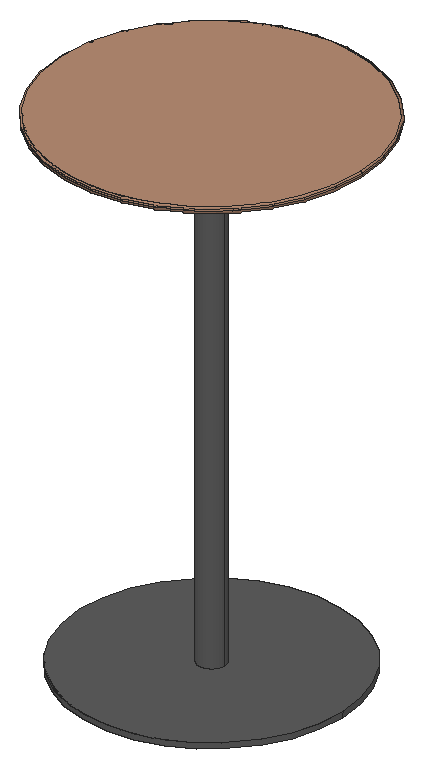
Revit family "FU_Table_Sandler_Nume 9-2FH", category Furniture, Revit 2020
Family settings
  OmniClass Number = 23.40.20.00
  OmniClass Title = General Furniture and Specialties
  Work Plane-Based = No
  Always vertical = Yes
  Cut with Voids When Loaded = No
  Shared = No
  Room Calculation Point = No
Parameters (values of type "Nume 9.2FH Wood/Laminate Top")
  Width = Depth  # 400 mm
  URL = "https://www.sandlerseating.com/product/nume-9-2FH/"
  Top Type = Nume_Wood_Top : Nume Wood 400x19mm
  Top Finish = Wood - Oak - Walnut
  Model = "Nume 9.2FH"
  Manufacturer = "Sandler"
  Height = 660 mm
  Description = "Fixed height side table, with wood top and steel base."
  Depth = 400 mm  # constant formula
  Default Elevation = 0 mm
  Base Finish = Epoxy - M1_B00 - Black
Types (3, lengths in mm): name | Top Type | Top Finish | Base Finish
  (no name) | Nume_Wood_Top : Nume Wood 400x19mm | Wood - Oak - Walnut | Epoxy - M1_B00 - Black
  NUME 9.2FH HPL/Fenix Top | Nume_HPL_Top : Nume HPL 400x12mm | HPL - Solid - Black | Epoxy - M1_Aluminum
  Nume 9.2FH Wood/Laminate Top | Nume_Wood_Top : Nume Wood 400x19mm | Wood - Oak - Walnut | Epoxy - M1_B00 - Black
Reference planes
  plane 1 "Center (Front/Back)": y = 0
  plane 2: z = 0
  plane 3 "Center (Left/Right)": x = 0
  plane 4 "Right": x = -200
  plane 5 "Left": x = 200
  plane 6 "Back": y = 200
  plane 7 "Front": y = -200
  plane 8 "Height": z = 660
  plane 9 "Top Base": z = 648
Forms (mm)
  Extrusion 1, solid, material "Epoxy - M1_B00 - Black" <- "Base Finish"
    sketch origin (0, 0, 0) x (1, 0, 0) y (0, 1, 0)
      loop
        circle (0, 0) r 175
    from 0 to 7
  Revolve 2, solid, material "Epoxy - M1_B00 - Black" <- "Base Finish"
    sketch origin (0, 0, 0) x (1, 0, 0) y (0, 0, 1)
      loop
        line (-12.5, 648) -> (-14.5, 648)
        arc (-14.5, 648) -> (-16.621, 647.121) -> (-17.5, 645) r 3
        line (-17.5, 645) -> (-17.5, 7) -> (-12.5, 7) -> (-12.5, 648)
      axis (0, 648) -> (0, 7)
    angle from 0 to 360
  Extrusion 3, solid, material "Epoxy - M1_B00 - Black" <- "Base Finish"
    sketch origin (0, 0, 648) x (-1, 0, 0) y (0, -1, 0)
      loop
        circle (0, 0) r 75
    from 0 to -4.04
Cuts and joins
  joined: Extrusion 1, Revolve 2
Dimensions and locks
  equal spacing: plane 4 "Right", plane 3 "Center (Left/Right)", plane 5 "Left"
  "Width": plane 4 "Right" to plane 5 "Left"
  equal spacing: plane 6 "Back", plane 1 "Center (Front/Back)", plane 7 "Front"
  "Depth": plane 6 "Back" to plane 7 "Front"
  "Height": plane 8 "Height" to level
  plane 9 "Top Base" to level = 648 mm
  locked: plane 8 "Height" to plane 9 "Top Base" at 12
  aligned and locked: level to plane 2
  aligned and locked: cut or joined group of Extrusion 1, Revolve 2 to plane 9 "Top Base"
Automatic sketch dimensions
  plane 1 "Center (Front/Back)" to Extrusion 1 sketch curve = 0 mm
  Extrusion 1 sketch curve to plane 3 "Center (Left/Right)" = 0 mm
  Revolve 2 sketch curve to plane 3 "Center (Left/Right)" = 0 mm
  Revolve 2 sketch curve to plane 3 "Center (Left/Right)" = 12.5 mm
  Revolve 2 sketch curve to Revolve 2 sketch curve = 2 mm
  Revolve 2 sketch curve to Revolve 2 sketch curve = 5 mm
  plane 1 "Center (Front/Back)" to Extrusion 3 sketch curve = 0 mm
  Extrusion 3 sketch curve to plane 3 "Center (Left/Right)" = 0 mm
  level to Revolve 2 sketch curve = 7 mm
  Revolve 2 sketch curve to plane 9 "Top Base" = 3 mm
  Revolve 2 sketch curve to Revolve 2 sketch curve = 207.542 mm
  Revolve 2 sketch curve to Revolve 2 sketch curve = 177 mm
  radius of Extrusion 1 sketch curve = 175 mm
  radius of Extrusion 3 sketch curve = 75 mm
Nested families
  nested 1: "Nume_Wood_Top" at (0, 0, 0), type <- "Top Type", Top Elevation <- "Height", Top Finish <- "Top Finish", type "Nume Wood 400x19mm"
    with Top Finish Wood - Oak - Walnut, Top Elevation 660 mm
Definition of nested family "Nume_Wood_Top"
  Parameters (values of type "Nume Wood 400x19mm")
    Width = 400 mm
    Top Elevation [instance] = 530 mm
    Top Finish [instance] = none
    Depth = 400 mm
    Default Elevation = 0 mm
  Reference planes
    plane 1 "Center (Front/Back)": y = 0
    plane 2: z = 0
    plane 3 "Center (Left/Right)": x = 0
    plane 4 "Right": x = -200
    plane 5 "Left": x = 200
    plane 6 "Back": y = 200
    plane 7 "Front": y = -200
    plane 8 "Elevation": z = 530
    plane 9 "Thickness": z = 511
  Forms (mm)
    Extrusion 1, solid, material <- "Top Finish"
      sketch origin (0, 0, 530) x (-1, 0, 0) y (0, -1, 0)
        loop
          circle (0, 0) r 140
      from 0 to -19
    Sweep 2, solid, material <- "Top Finish"
      path in 3D
        loop
          arc (140, 0, 530) -> (0, -140, 530) -> (-140, 0, 530) r 140
          arc (-140, 0, 530) -> (0, 140, 530) -> (140, 0, 530) r 140
      profile "Pro_IC_TT_Wood_Edge_19x60 : Pro_IC_TT_Wood_Edge_19x60" origin (0, 140, 530) x (0, 1, 0) y (0, 0, 1)
        loop
          line (0, 0) -> (0, -19) -> (23.523, -19)
          arc (23.523, -19) -> (40.704, -14.115) -> (57.496, -8.025) r 252.177
          arc (57.496, -8.025) -> (59.315, -6.554) -> (60, -4.316) r 4
          line (60, -4.316) -> (60, -2)
          arc (60, -2) -> (59.414, -0.586) -> (58, 0) r 2
          line (58, 0) -> (0, 0)
  Cuts and joins
    joined: Extrusion 1, Sweep 2
  Lines and regions (mm)
    sketch lines
      curve 1: arc (-140, 0, 530) -> (0, 140, 530) -> (140, 0, 530) r 140
      curve 2: arc (140, 0, 530) -> (0, -140, 530) -> (-140, 0, 530) r 140
  Dimensions and locks
    equal spacing: plane 4 "Right", plane 3 "Center (Left/Right)", plane 5 "Left"
    "Width": plane 4 "Right" to plane 5 "Left"
    equal spacing: plane 6 "Back", plane 1 "Center (Front/Back)", plane 7 "Front"
    "Depth": plane 6 "Back" to plane 7 "Front"
    "Top Elevation": plane 8 "Elevation" to level
    plane 9 "Thickness" to level = 511 mm
    locked: plane 8 "Elevation" to plane 9 "Thickness" at 19
    aligned and locked: level to plane 2
    aligned and locked: Extrusion 1 to plane 9 "Thickness"
    aligned and locked: plane 8 "Elevation" to Extrusion 1
  Automatic sketch dimensions
    plane 1 "Center (Front/Back)" to Extrusion 1 sketch curve = 0 mm
    Extrusion 1 sketch curve to plane 3 "Center (Left/Right)" = 0 mm
    radius of Extrusion 1 sketch curve = 140 mm
